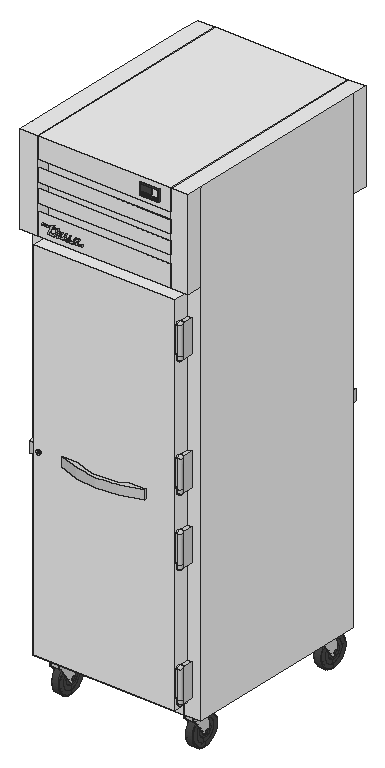
Revit family
Parameters
  Weight in Pounds = 0
  Watts = 1500 W
  Volts = 208 V
  URL Cutsheet = "www.truemfg.com"
  URL = "www.truemfg.com"
  Type Mark [instance] = ""
  Type Comments = ""
  Status [instance] = ""
  Specification by User [instance] = ""
  Specification by Manufacturer = ""
  Show Seismic Flanged [instance] = no
  Show Logo [instance] = yes
  Show Legs [instance] = no
  Show Clearance [instance] = yes
  Serial Number = ""
  Seismic Rating = ""
  Seismic Plate [instance] = and(Show Seismic Flanged, not(Show Casters))  # no
  SMACNA No = ""
  Revision Code [instance] = ""
  Phase = 1
  Omniclass Number and Title = ""
  Number of Poles [instance] = 1
  NAFEM Spec ID Number = ""
  Model = "STA1HPT-1S-1S"
  Min Ckt Ampacity = 0 A
  Max Overcurrent Protection = 0 A
  Masterspec = ""
  Manufacturer = "TRUE FOOD SERVICE EQUIPMENT, INC."
  Length = 27 1/2"
  Legs [instance] = or(Show Legs, Show Seismic Flanged)  # no
  Item Number [instance] = ""
  Installed By [instance] = ""
  Identify Quantity as Lot [instance] = yes
  Height = 77 3/4"
  HP = ""
  Furnished By [instance] = ""
  Foodservice Equipment Identifier [instance] = yes
  FL Amps = Watts / Volts  # 7.21154 A
  Electrical Remarks [instance] = ""
  Electric Connection Type [instance] = ""
  Elec Conn RI Height [instance] = 0"
  Elec Conn Connection Height [instance] = 0"
  Description = "Pass-thru Solid Front /Solid Rear Swing Door Heated Cabinet"
  Depth = 36 1/2"
  Cycle = 60 Hz
  Conn Plug = "5-15P"
  Conn Conduit = yes
  Show Casters [instance] = and(not(if(Show Legs, Show Legs, Show Legs)), not(if(Show Legs, Show Legs, Show Seismic Flanged)))  # yes
  CSI MasterFormat = ""
  CSI Master Format = ""
  Apparent Power = if(Phase = 3, Volts * FL Amps * 1.73, Volts * FL Amps)  # 1500 VA
Reference planes (in)
  plane 1: z = 0
  plane 2 "LEFT": x = 0
  plane 3 "RIGHT": x = 27.5
  plane 4 "FRONT": y = -33.75
  plane 5 "TOP": z = 84.125
  plane 6: z = 6.125
  plane 7: y = 2.75
Forms (in)
  Extrusion 1, solid, material "QF_Finishes_Chrome - Satin"
    sketch origin (0.05, 0, 0) x (1, 0, 0) y (0, 1, 0)
      loop
        line (-0.05, 0) -> (-0.05, -31) -> (2.80938, -31) -> (2.80938, 0) -> (-0.05, 0)
    from 6.125 to 84.125
  Extrusion 2, solid, material "QF_Finishes_Chrome - Satin"
    sketch origin (50.15, 0, 0) x (1, 0, 0) y (0, 1, 0)
      loop
        line (-25.50937, 0) -> (-25.50937, -31) -> (-22.65, -31) -> (-22.65, 0) -> (-25.50937, 0)
    from 6.125 to 84.125
  Extrusion 3, solid, material "QF_Finishes_Chrome - Satin"
    sketch origin (0, 0, 0) x (0, 1, 0) y (0, 0, 1)
      loop
        line (-33.5625, 69.5) -> (-31, 69.5) -> (-31, 64.875) -> (0, 64.875) -> (0, 69.5) -> (2.5625, 69.5) -> (2.5625, 73.1597) -> (0.49784, 71.69166) -> (0.49784, 72.96723) -> (2.5625, 74.43527) -> (2.5625, 76.53148) -> (0.49784, 75.06344) -> (0.49784, 76.0242) -> (2.5625, 77.49224) -> (2.5625, 79.62595) -> (0.49784, 78.15791) -> (0.49784, 79.28018) -> (2.5625, 80.74822) -> (2.5625, 84.125) -> (-33.5625, 84.125) -> (-33.5625, 80.68002) -> (-31.5, 79.21352) -> (-31.5, 78.09125) -> (-33.5625, 79.55776) -> (-33.5625, 77.42405) -> (-31.5, 75.95754) -> (-31.5, 74.99678) -> (-33.5625, 76.46328) -> (-33.5625, 74.36708) -> (-31.5, 72.90057) -> (-31.5, 71.625) -> (-33.5625, 73.09151) -> (-33.5625, 69.5)
      loop
        line (-31, 6.125) -> (0, 6.125) -> (0, 8.94743) -> (-31, 8.94743) -> (-31, 6.125)
    from 2.85938 to 24.64062
  Extrusion 4, solid, material "QF_Finishes_Chrome - Satin"
    sketch origin (0, 0, 0) x (1, 0, 0) y (0, 1, 0)
      loop
        line (27.45312, -31) -> (24.64062, -31) -> (24.64062, -33.5625) -> (27.45312, -33.5625) -> (27.45312, -31)
    from 69.5 to 84.125
  Extrusion 5, solid, material "QF_Finishes_Chrome - Satin"
    sketch origin (-50.125, 0, 0.25) x (1, 0, 0) y (0, 1, 0)
      loop
        line (52.98437, -31) -> (50.17188, -31) -> (50.17188, -33.5625) -> (52.98437, -33.5625) -> (52.98437, -31)
    from 69.25 to 83.875
  Extrusion 6, solid, material "QF_Finishes_Handrails and Railings", visible <- "Show Logo"
    sketch origin (0.33478, 1.08173, -6.73143) x (1, 0, 0) y (0, 0, 1)
      loop
        line (3.46044, 78.46231) -> (3.35478, 78.23573) -> (4.76027, 78.23573)
        arc (4.76027, 78.23573) -> (4.78879, 78.18528) -> (4.76027, 78.13484) r 0.05887
        line (4.76027, 78.13484) -> (4.39369, 77.34872)
        arc (4.39369, 77.34872) -> (4.39051, 77.27591) -> (4.43975, 77.22217) r 0.09523
        line (4.43975, 77.22217) -> (5.33844, 77.22217)
        arc (5.33844, 77.22217) -> (5.45192, 77.25795) -> (5.52436, 77.35235) r 0.19785
        line (5.52436, 77.35235) -> (5.81285, 77.97101) -> (6.0779, 77.97101)
        arc (6.0779, 77.97101) -> (6.14744, 77.94543) -> (6.13737, 77.87203) r 0.05911
        line (6.13737, 77.87203) -> (5.89598, 77.35437)
        arc (5.89598, 77.35437) -> (5.89974, 77.2684) -> (5.97231, 77.22217) r 0.09318
        line (5.97231, 77.22217) -> (6.76198, 77.22217)
        arc (6.76198, 77.22217) -> (6.82249, 77.24419) -> (6.85468, 77.29995) r 0.09412
        arc (6.85468, 77.29995) -> (6.87746, 77.24495) -> (6.93246, 77.22217) r 0.07778
        line (6.93246, 77.22217) -> (7.43246, 77.22217)
        arc (7.43246, 77.22217) -> (7.49022, 77.23765) -> (7.53251, 77.27993) r 0.11552
        arc (7.53251, 77.27993) -> (7.55275, 77.23106) -> (7.60162, 77.21081) r 0.06912
        line (7.60162, 77.21081) -> (8.31225, 77.21081)
        arc (8.31225, 77.21081) -> (8.37034, 77.23488) -> (8.39441, 77.29297) r 0.08216
        arc (8.39441, 77.29297) -> (8.44767, 77.23972) -> (8.52042, 77.22022) r 0.14551
        line (8.52042, 77.22022) -> (9.85158, 77.22022) -> (9.99946, 77.47634) -> (8.65678, 77.47634)
        arc (8.65678, 77.47634) -> (8.61972, 77.50204) -> (8.61834, 77.54711) r 0.05009
        line (8.61834, 77.54711) -> (8.64157, 77.59692)
        arc (8.64157, 77.59692) -> (8.67723, 77.64364) -> (8.73327, 77.66135) r 0.09747
        line (8.73327, 77.66135) -> (9.16485, 77.66135)
        arc (9.16485, 77.66135) -> (9.258, 77.68631) -> (9.32619, 77.7545) r 0.1863
        line (9.32619, 77.7545) -> (9.45119, 77.97101)
        arc (9.45119, 77.97101) -> (9.45119, 78.08657) -> (9.35111, 78.14434) r 0.11556
        line (9.35111, 78.14434) -> (8.89562, 78.14434)
        arc (8.89562, 78.14434) -> (8.7795, 78.12462) -> (8.69849, 78.03912) r 0.18605
        line (8.69849, 78.03912) -> (8.48204, 77.57493)
        arc (8.48204, 77.57493) -> (8.41815, 77.49167) -> (8.31806, 77.46011) r 0.1745
        line (8.31806, 77.46011) -> (7.84559, 77.46011)
        arc (7.84559, 77.46011) -> (7.78903, 77.52184) -> (7.79268, 77.60548) r 0.10939
        line (7.79268, 77.60548) -> (8.04395, 78.14434) -> (7.88403, 78.14434) -> (7.61781, 77.57344)
        arc (7.61781, 77.57344) -> (7.56609, 77.50603) -> (7.48505, 77.48048) r 0.14128
        line (7.48505, 77.48048) -> (7.15925, 77.48048)
        arc (7.15925, 77.48048) -> (7.10419, 77.55223) -> (7.116, 77.64189) r 0.11816
        line (7.116, 77.64189) -> (7.3503, 78.14434) -> (7.18514, 78.14434) -> (6.91546, 77.566)
        arc (6.91546, 77.566) -> (6.85285, 77.50339) -> (6.76733, 77.48048) r 0.17104
        line (6.76733, 77.48048) -> (6.29555, 77.48048)
        arc (6.29555, 77.48048) -> (6.21082, 77.51999) -> (6.20267, 77.61313) r 0.0935
        line (6.20267, 77.61313) -> (6.35774, 77.94569) -> (6.57695, 77.94569)
        arc (6.57695, 77.94569) -> (6.61395, 78.05717) -> (6.69267, 78.14434) r 0.2857
        line (6.69267, 78.14434) -> (5.83605, 78.14434)
        arc (5.83605, 78.14434) -> (5.74086, 78.12324) -> (5.67498, 78.05135) r 0.16212
        line (5.67498, 78.05135) -> (5.44279, 77.55341)
        arc (5.44279, 77.55341) -> (5.3894, 77.50002) -> (5.31647, 77.48048) r 0.14586
        line (5.31647, 77.48048) -> (4.80506, 77.48048)
        arc (4.80506, 77.48048) -> (4.76514, 77.53442) -> (4.77274, 77.60109) r 0.09155
        line (4.77274, 77.60109) -> (5.11018, 78.23573) -> (5.96155, 78.23573) -> (6.06721, 78.46231) -> (5.21584, 78.46231) -> (5.32149, 78.68888) -> (5.01862, 78.68888) -> (4.91297, 78.46231) -> (3.46044, 78.46231)
      loop
        arc (8.83805, 77.93863) -> (8.80119, 77.92875) -> (8.7742, 77.90176) r 0.07373
        line (8.7742, 77.90176) -> (8.75229, 77.83436)
        arc (8.75229, 77.83436) -> (8.76245, 77.80983) -> (8.78699, 77.79966) r 0.0347
        line (8.78699, 77.79966) -> (9.15948, 77.79966)
        arc (9.15948, 77.79966) -> (9.18632, 77.80561) -> (9.20812, 77.82234) r 0.0635
        line (9.20812, 77.82234) -> (9.22624, 77.90622)
        arc (9.22624, 77.90622) -> (9.22091, 77.92868) -> (9.20009, 77.93863) r 0.02676
        line (9.20009, 77.93863) -> (8.83805, 77.93863)
    from 34.64423 to 34.83173
  Extrusion 7, solid
    sketch origin (-25.125, 2.6875, 0) x (1, 0, 0) y (0, 0, 1)
      loop
        circle (49.375, 82) r 0.25
    from 0.23221 to 0.125
  Blend 8, solid, material "QF_Finishes_Handrails and Railings"
    base sketch origin (27.53125, 0.1875, -0.03527) x (-1, 0, 0) y (0, 0, -1)
      loop
        line (25.25, -38.99169) -> (26, -38.99169) -> (26, -37.24169) -> (25.25, -37.24169) -> (25.25, -38.99169)
    top sketch origin (27.53125, 0.1875, -0.03527) x (-1, 0, 0) y (0, 0, -1)
      loop
        line (26.18223, -36.6441) -> (25.25, -36.6441) -> (25.25, -39.42643) -> (26.18223, -39.42643) -> (26.18223, -36.6441)
    from 33.57883 to 31.1875
  Extrusion 9, solid, material "QF_Finishes_Handrails and Railings"
    sketch origin (26.21875, 0.1875, 0) x (0, 1, 0) y (0, 0, -1)
      loop
        line (-31.1875, -64.55229) -> (-31.1875, -59.23627) -> (-33.25, -59.23627) -> (-33.25, -59.94848) -> (-32.81497, -59.94848) -> (-32.81497, -64.34776)
        arc (-32.81497, -64.34776) -> (-32.75506, -64.49238) -> (-32.61044, -64.55229) r 0.20453
        line (-32.61044, -64.55229) -> (-31.1875, -64.55229)
    from 0.17506 to 1
  Revolve 10, solid, material "QF_Finishes_Handrails and Railings"
    sketch origin (25.71875, 0.1875, 0) x (0, 1, 0) y (0, 0, -1)
      loop
        line (-33.26563, -60.00189) -> (-33.67229, -60.00189) -> (-33.67229, -64.4736)
        arc (-33.67229, -64.4736) -> (-33.53722, -64.72557) -> (-33.26563, -64.81483) r 0.3848
        line (-33.26563, -64.81483) -> (-33.26563, -60.00189)
      loop
        line (-33.26563, -59.94848) -> (-33.26563, -59.04781)
        arc (-33.26563, -59.04781) -> (-33.53264, -59.13383) -> (-33.67229, -59.37712) r 0.38884
        line (-33.67229, -59.37712) -> (-33.67229, -59.94848) -> (-33.26563, -59.94848)
      axis (-33.26563, -59.04781) -> (-33.26563, -64.81483)
    angle from 0 to 360
  Extrusion 11, solid, material "QF_Finishes_Handrails and Railings"
    sketch origin (27.53125, 0.1875, 0) x (-1, 0, 0) y (0, 0, -1)
      loop
        line (1.91491, -64.4736) -> (2.3125, -64.4736) -> (2.3125, -60.00079) -> (1.91491, -60.00079) -> (1.91491, -64.4736)
    from 32.81497 to 33.59495
  Extrusion 12, solid, material "QF_Finishes_Handrails and Railings"
    sketch origin (26.21875, 0.1875, -19.5) x (0, 1, 0) y (0, 0, -1)
      loop
        line (-31.1875, -64.55229) -> (-31.1875, -59.23627) -> (-33.25, -59.23627) -> (-33.25, -59.94848) -> (-32.81497, -59.94848) -> (-32.81497, -64.34776)
        arc (-32.81497, -64.34776) -> (-32.75506, -64.49238) -> (-32.61044, -64.55229) r 0.20453
        line (-32.61044, -64.55229) -> (-31.1875, -64.55229)
    from 0.17506 to 1
  Revolve 13, solid, material "QF_Finishes_Handrails and Railings"
    sketch origin (25.71875, 0.1875, -19.5) x (0, 1, 0) y (0, 0, -1)
      loop
        line (-33.26563, -60.00189) -> (-33.67229, -60.00189) -> (-33.67229, -64.4736)
        arc (-33.67229, -64.4736) -> (-33.53722, -64.72557) -> (-33.26563, -64.81483) r 0.3848
        line (-33.26563, -64.81483) -> (-33.26563, -60.00189)
      loop
        line (-33.26563, -59.94848) -> (-33.26563, -59.04781)
        arc (-33.26563, -59.04781) -> (-33.53264, -59.13383) -> (-33.67229, -59.37712) r 0.38884
        line (-33.67229, -59.37712) -> (-33.67229, -59.94848) -> (-33.26563, -59.94848)
      axis (-33.26563, -59.04781) -> (-33.26563, -64.81483)
    angle from 0 to 360
  Extrusion 14, solid, material "QF_Finishes_Handrails and Railings"
    sketch origin (27.53125, 0.1875, -19.5) x (-1, 0, 0) y (0, 0, -1)
      loop
        line (1.91491, -64.4736) -> (2.3125, -64.4736) -> (2.3125, -60.00079) -> (1.91491, -60.00079) -> (1.91491, -64.4736)
    from 32.81497 to 33.59495
  Extrusion 15, solid, material "QF_Finishes_Handrails and Railings"
    sketch origin (26.21875, 0.1875, -30.5) x (0, 1, 0) y (0, 0, -1)
      loop
        line (-31.1875, -64.55229) -> (-31.1875, -59.23627) -> (-33.25, -59.23627) -> (-33.25, -59.94848) -> (-32.81497, -59.94848) -> (-32.81497, -64.34776)
        arc (-32.81497, -64.34776) -> (-32.75506, -64.49238) -> (-32.61044, -64.55229) r 0.20453
        line (-32.61044, -64.55229) -> (-31.1875, -64.55229)
    from 0.17506 to 1
  Revolve 16, solid, material "QF_Finishes_Handrails and Railings"
    sketch origin (25.71875, 0.1875, -30.5) x (0, 1, 0) y (0, 0, -1)
      loop
        line (-33.26563, -60.00189) -> (-33.67229, -60.00189) -> (-33.67229, -64.4736)
        arc (-33.67229, -64.4736) -> (-33.53722, -64.72557) -> (-33.26563, -64.81483) r 0.3848
        line (-33.26563, -64.81483) -> (-33.26563, -60.00189)
      loop
        line (-33.26563, -59.94848) -> (-33.26563, -59.04781)
        arc (-33.26563, -59.04781) -> (-33.53264, -59.13383) -> (-33.67229, -59.37712) r 0.38884
        line (-33.67229, -59.37712) -> (-33.67229, -59.94848) -> (-33.26563, -59.94848)
      axis (-33.26563, -59.04781) -> (-33.26563, -64.81483)
    angle from 0 to 360
  Extrusion 17, solid, material "QF_Finishes_Handrails and Railings"
    sketch origin (27.53125, 0.1875, -30.5) x (-1, 0, 0) y (0, 0, -1)
      loop
        line (1.91491, -64.4736) -> (2.3125, -64.4736) -> (2.3125, -60.00079) -> (1.91491, -60.00079) -> (1.91491, -64.4736)
    from 32.81497 to 33.59495
  Extrusion 18, solid, material "QF_Finishes_Handrails and Railings"
    sketch origin (26.21875, 0.1875, -50.25) x (0, 1, 0) y (0, 0, -1)
      loop
        line (-31.1875, -64.55229) -> (-31.1875, -59.23627) -> (-33.25, -59.23627) -> (-33.25, -59.94848) -> (-32.81497, -59.94848) -> (-32.81497, -64.34776)
        arc (-32.81497, -64.34776) -> (-32.75506, -64.49238) -> (-32.61044, -64.55229) r 0.20453
        line (-32.61044, -64.55229) -> (-31.1875, -64.55229)
    from 0.17506 to 1
  Revolve 19, solid, material "QF_Finishes_Handrails and Railings"
    sketch origin (25.71875, 0.1875, -50.25) x (0, 1, 0) y (0, 0, -1)
      loop
        line (-33.26563, -60.00189) -> (-33.67229, -60.00189) -> (-33.67229, -64.4736)
        arc (-33.67229, -64.4736) -> (-33.53722, -64.72557) -> (-33.26563, -64.81483) r 0.3848
        line (-33.26563, -64.81483) -> (-33.26563, -60.00189)
      loop
        line (-33.26563, -59.94848) -> (-33.26563, -59.04781)
        arc (-33.26563, -59.04781) -> (-33.53264, -59.13383) -> (-33.67229, -59.37712) r 0.38884
        line (-33.67229, -59.37712) -> (-33.67229, -59.94848) -> (-33.26563, -59.94848)
      axis (-33.26563, -59.04781) -> (-33.26563, -64.81483)
    angle from 0 to 360
  Extrusion 20, solid, material "QF_Finishes_Handrails and Railings"
    sketch origin (27.53125, 0.1875, -50.25) x (-1, 0, 0) y (0, 0, -1)
      loop
        line (1.91491, -64.4736) -> (2.3125, -64.4736) -> (2.3125, -60.00079) -> (1.91491, -60.00079) -> (1.91491, -64.4736)
    from 32.81497 to 33.59495
  Revolve 21, solid, material "QF_Finishes_Black", visible <- "Show Casters"
    sketch origin (22.65625, -27.375, 0) x (1, 0, 0) y (0, 0, 1)
      loop
        line (1.475, 5) -> (1.375, 4.9) -> (1.375, 4.29941) -> (1.53601, 4.29941) -> (1.53601, 3.54941) -> (1.375, 3.54941) -> (1.375, 2.79941) -> (0.975, 2.79941) -> (0.975, 2.5) -> (3.025, 2.5) -> (3.025, 2.79941) -> (2.62908, 2.79941) -> (2.62908, 3.54941) -> (2.46399, 3.54941) -> (2.46399, 4.29941) -> (2.62908, 4.29941) -> (2.62908, 4.89592) -> (2.525, 5) -> (1.475, 5)
      axis (3.025, 2.5) -> (0.975, 2.5)
    angle from 0 to 360
  Extrusion 22, solid, material "QF_Finishes_Handrails and Railings", visible <- "Show Casters"
    sketch origin (22.65625, 0, 0) x (0, 1, 0) y (0, 0, 1)
      loop
        line (-29.95136, 5.48574) -> (-29.95136, 4.88089) -> (-29.70136, 4.88089) -> (-27.95216, 2.18736)
        arc (-27.95216, 2.18736) -> (-27.23883, 1.94868) -> (-26.84581, 2.59003) r 0.60416
        line (-26.84581, 2.59003) -> (-27.20136, 5.48574) -> (-29.95136, 5.48574)
      loop
        line (-3.8577, 5.48574) -> (-3.8577, 4.88089) -> (-3.6077, 4.88089) -> (-1.8585, 2.18736)
        arc (-1.8585, 2.18736) -> (-1.14517, 1.94868) -> (-0.75215, 2.59003) r 0.60416
        line (-0.75215, 2.59003) -> (-1.1077, 5.48574) -> (-3.8577, 5.48574)
    from 1.175 to 1.325
  Extrusion 23, solid, material "QF_Finishes_Handrails and Railings", visible <- "Show Casters"
    sketch origin (24.15625, 0, 0) x (0, 1, 0) y (0, 0, 1)
      loop
        line (-29.95136, 5.48574) -> (-29.95136, 4.88089) -> (-29.70136, 4.88089) -> (-27.95216, 2.18736)
        arc (-27.95216, 2.18736) -> (-27.23883, 1.94868) -> (-26.84581, 2.59003) r 0.60416
        line (-26.84581, 2.59003) -> (-27.20136, 5.48574) -> (-29.95136, 5.48574)
      loop
        line (-3.8577, 5.48574) -> (-3.8577, 4.88089) -> (-3.6077, 4.88089) -> (-1.8585, 2.18736)
        arc (-1.8585, 2.18736) -> (-1.14517, 1.94868) -> (-0.75215, 2.59003) r 0.60416
        line (-0.75215, 2.59003) -> (-1.1077, 5.48574) -> (-3.8577, 5.48574)
    from 1.175 to 1.325
  Revolve 24, solid, material "QF_Finishes_Chrome - Satin", visible <- "Show Casters"
    sketch origin (22.65625, -28.57636, -0.5) x (1, 0, 0) y (0, 0, 1)
      loop
        line (2, 5.98574) -> (2, 6.625) -> (0.70293, 6.625) -> (0.70293, 5.98574) -> (2, 5.98574)
      axis (2, 5.98574) -> (2, 6.625)
    angle from 0 to 360
  Revolve 25, solid, material "QF_Finishes_Chrome - Satin", visible <- "Legs"
    sketch origin (22.65625, -2.69102, 0) x (1, 0, 0) y (0, 0, 1)
      loop
        line (2, 6.125) -> (0.66662, 6.125) -> (1.25, 1) -> (1.5, 1) -> (1.5, 0) -> (2, 0) -> (2, 6.125)
      axis (2, 0) -> (2, 6.125)
    angle from 0 to 360
  Revolve 26, solid, material "QF_Finishes_Chrome - Satin", visible <- "Legs"
    sketch origin (22.65625, -28.65977, 0) x (1, 0, 0) y (0, 0, 1)
      loop
        line (2, 6.125) -> (0.66662, 6.125) -> (1.25, 1) -> (1.5, 1) -> (1.5, 0) -> (2, 0) -> (2, 6.125)
      axis (2, 0) -> (2, 6.125)
    angle from 0 to 360
  Revolve 27, solid, material "QF_Finishes_Chrome - Satin", visible <- "Show Casters"
    sketch origin (22.65625, -2.4827, -0.5) x (1, 0, 0) y (0, 0, 1)
      loop
        line (2, 5.98574) -> (2, 6.625) -> (0.70293, 6.625) -> (0.70293, 5.98574) -> (2, 5.98574)
      axis (2, 5.98574) -> (2, 6.625)
    angle from 0 to 360
  Extrusion 28, solid, material "QF_Finishes_Handrails and Railings", visible <- "Show Casters"
    sketch origin (-25.125, 0, 0) x (0, 1, 0) y (0, 0, 1)
      loop
        line (-29.95136, 5.48574) -> (-29.95136, 4.88089) -> (-29.70136, 4.88089) -> (-27.16533, 5.19227) -> (-27.20136, 5.48574) -> (-29.95136, 5.48574)
      loop
        line (-3.8577, 5.48574) -> (-3.8577, 4.88089) -> (-3.6077, 4.88089) -> (-1.07167, 5.19227) -> (-1.1077, 5.48574) -> (-3.8577, 5.48574)
    from 49.10625 to 50.45625
  Revolve 29, solid, material "QF_Finishes_Black", visible <- "Show Casters"
    sketch origin (22.65625, -1.21875, 0) x (1, 0, 0) y (0, 0, 1)
      loop
        line (1.475, 5) -> (1.375, 4.9) -> (1.375, 4.29941) -> (1.53601, 4.29941) -> (1.53601, 3.54941) -> (1.375, 3.54941) -> (1.375, 2.79941) -> (0.975, 2.79941) -> (0.975, 2.5) -> (3.025, 2.5) -> (3.025, 2.79941) -> (2.62908, 2.79941) -> (2.62908, 3.54941) -> (2.46399, 3.54941) -> (2.46399, 4.29941) -> (2.62908, 4.29941) -> (2.62908, 4.89592) -> (2.525, 5) -> (1.475, 5)
      axis (3.025, 2.5) -> (0.975, 2.5)
    angle from 0 to 360
  Revolve 30, solid, material "QF_Finishes_Black", visible <- "Show Casters"
    sketch origin (0.84375, -27.375, 0) x (1, 0, 0) y (0, 0, 1)
      loop
        line (1.475, 5) -> (1.375, 4.9) -> (1.375, 4.29941) -> (1.53601, 4.29941) -> (1.53601, 3.54941) -> (1.375, 3.54941) -> (1.375, 2.79941) -> (0.975, 2.79941) -> (0.975, 2.5) -> (3.025, 2.5) -> (3.025, 2.79941) -> (2.62908, 2.79941) -> (2.62908, 3.54941) -> (2.46399, 3.54941) -> (2.46399, 4.29941) -> (2.62908, 4.29941) -> (2.62908, 4.89592) -> (2.525, 5) -> (1.475, 5)
      axis (3.025, 2.5) -> (0.975, 2.5)
    angle from 0 to 360
  Extrusion 31, solid, material "QF_Finishes_Handrails and Railings", visible <- "Show Casters"
    sketch origin (0.84375, 0, 0) x (0, 1, 0) y (0, 0, 1)
      loop
        line (-29.95136, 5.48574) -> (-29.95136, 4.88089) -> (-29.70136, 4.88089) -> (-27.95216, 2.18736)
        arc (-27.95216, 2.18736) -> (-27.23883, 1.94868) -> (-26.84581, 2.59003) r 0.60416
        line (-26.84581, 2.59003) -> (-27.20136, 5.48574) -> (-29.95136, 5.48574)
      loop
        line (-3.8577, 5.48574) -> (-3.8577, 4.88089) -> (-3.6077, 4.88089) -> (-1.8585, 2.18736)
        arc (-1.8585, 2.18736) -> (-1.14517, 1.94868) -> (-0.75215, 2.59003) r 0.60416
        line (-0.75215, 2.59003) -> (-1.1077, 5.48574) -> (-3.8577, 5.48574)
    from 1.175 to 1.325
  Extrusion 32, solid, material "QF_Finishes_Handrails and Railings", visible <- "Show Casters"
    sketch origin (2.34375, 0, 0) x (0, 1, 0) y (0, 0, 1)
      loop
        line (-29.95136, 5.48574) -> (-29.95136, 4.88089) -> (-29.70136, 4.88089) -> (-27.95216, 2.18736)
        arc (-27.95216, 2.18736) -> (-27.23883, 1.94868) -> (-26.84581, 2.59003) r 0.60416
        line (-26.84581, 2.59003) -> (-27.20136, 5.48574) -> (-29.95136, 5.48574)
      loop
        line (-3.8577, 5.48574) -> (-3.8577, 4.88089) -> (-3.6077, 4.88089) -> (-1.8585, 2.18736)
        arc (-1.8585, 2.18736) -> (-1.14517, 1.94868) -> (-0.75215, 2.59003) r 0.60416
        line (-0.75215, 2.59003) -> (-1.1077, 5.48574) -> (-3.8577, 5.48574)
    from 1.175 to 1.325
  Revolve 33, solid, material "QF_Finishes_Chrome - Satin", visible <- "Show Casters"
    sketch origin (0.84375, -28.57636, -0.5) x (1, 0, 0) y (0, 0, 1)
      loop
        line (2, 5.98574) -> (2, 6.625) -> (0.70293, 6.625) -> (0.70293, 5.98574) -> (2, 5.98574)
      axis (2, 5.98574) -> (2, 6.625)
    angle from 0 to 360
  Revolve 34, solid, material "QF_Finishes_Chrome - Satin", visible <- "Legs"
    sketch origin (0.84375, -2.69102, 0) x (1, 0, 0) y (0, 0, 1)
      loop
        line (2, 6.125) -> (0.66662, 6.125) -> (1.25, 1) -> (1.5, 1) -> (1.5, 0) -> (2, 0) -> (2, 6.125)
      axis (2, 0) -> (2, 6.125)
    angle from 0 to 360
  Revolve 35, solid, material "QF_Finishes_Chrome - Satin", visible <- "Legs"
    sketch origin (0.84375, -28.65977, 0) x (1, 0, 0) y (0, 0, 1)
      loop
        line (2, 6.125) -> (0.66662, 6.125) -> (1.25, 1) -> (1.5, 1) -> (1.5, 0) -> (2, 0) -> (2, 6.125)
      axis (2, 0) -> (2, 6.125)
    angle from 0 to 360
  Revolve 36, solid, material "QF_Finishes_Chrome - Satin", visible <- "Show Casters"
    sketch origin (0.84375, -2.4827, -0.5) x (1, 0, 0) y (0, 0, 1)
      loop
        line (2, 5.98574) -> (2, 6.625) -> (0.70293, 6.625) -> (0.70293, 5.98574) -> (2, 5.98574)
      axis (2, 5.98574) -> (2, 6.625)
    angle from 0 to 360
  Extrusion 37, solid, material "QF_Finishes_Handrails and Railings", visible <- "Show Casters"
    sketch origin (-46.9375, 0, 0) x (0, 1, 0) y (0, 0, 1)
      loop
        line (-29.95136, 5.48574) -> (-29.95136, 4.88089) -> (-29.70136, 4.88089) -> (-27.16533, 5.19227) -> (-27.20136, 5.48574) -> (-29.95136, 5.48574)
      loop
        line (-3.8577, 5.48574) -> (-3.8577, 4.88089) -> (-3.6077, 4.88089) -> (-1.07167, 5.19227) -> (-1.1077, 5.48574) -> (-3.8577, 5.48574)
    from 49.10625 to 50.45625
  Revolve 38, solid, material "QF_Finishes_Black", visible <- "Show Casters"
    sketch origin (0.84375, -1.21875, 0) x (1, 0, 0) y (0, 0, 1)
      loop
        line (1.475, 5) -> (1.375, 4.9) -> (1.375, 4.29941) -> (1.53601, 4.29941) -> (1.53601, 3.54941) -> (1.375, 3.54941) -> (1.375, 2.79941) -> (0.975, 2.79941) -> (0.975, 2.5) -> (3.025, 2.5) -> (3.025, 2.79941) -> (2.62908, 2.79941) -> (2.62908, 3.54941) -> (2.46399, 3.54941) -> (2.46399, 4.29941) -> (2.62908, 4.29941) -> (2.62908, 4.89592) -> (2.525, 5) -> (1.475, 5)
      axis (3.025, 2.5) -> (0.975, 2.5)
    angle from 0 to 360
  Extrusion 39, solid, material "QF_Finishes_Chrome - Satin"
    sketch origin (0, -31.375, 0) x (1, 0, 0) y (0, 1, 0)
      loop
        line (27.45312, 31.375) -> (27.45312, 33.9375) -> (24.64062, 33.9375) -> (24.64062, 31.375) -> (27.45312, 31.375)
    from 69.5 to 84.125
  Extrusion 40, solid, material "QF_Finishes_Chrome - Satin"
    sketch origin (-50.125, -31, 0.25) x (1, 0, 0) y (0, 1, 0)
      loop
        line (52.98437, 31) -> (52.98437, 33.5625) -> (50.17188, 33.5625) -> (50.17188, 31) -> (52.98437, 31)
    from 69.25 to 83.875
  Extrusion 41, solid, material "QF_Finishes_Handrails and Railings"
    sketch origin (1.28125, -31.17295, 0) x (0, -1, 0) y (0, 0, -1)
      loop
        line (-31.17295, -64.55229) -> (-31.17295, -59.23627) -> (-33.25, -59.23627) -> (-33.25, -59.94848) -> (-32.81497, -59.94848) -> (-32.81497, -64.34776)
        arc (-32.81497, -64.34776) -> (-32.75506, -64.49238) -> (-32.61044, -64.55229) r 0.20453
        line (-32.61044, -64.55229) -> (-31.17295, -64.55229)
    from 0.17506 to 1
  Revolve 42, solid, material "QF_Finishes_Handrails and Railings"
    sketch origin (1.78125, -31.17295, 0) x (0, -1, 0) y (0, 0, -1)
      loop
        line (-33.26563, -60.00189) -> (-33.67229, -60.00189) -> (-33.67229, -64.4736)
        arc (-33.67229, -64.4736) -> (-33.53722, -64.72557) -> (-33.26563, -64.81483) r 0.3848
        line (-33.26563, -64.81483) -> (-33.26563, -60.00189)
      loop
        line (-33.26563, -59.94848) -> (-33.26563, -59.04781)
        arc (-33.26563, -59.04781) -> (-33.53264, -59.13383) -> (-33.67229, -59.37712) r 0.38884
        line (-33.67229, -59.37712) -> (-33.67229, -59.94848) -> (-33.26563, -59.94848)
      axis (-33.26563, -59.04781) -> (-33.26563, -64.81483)
    angle from 0 to 360
  Extrusion 43, solid, material "QF_Finishes_Handrails and Railings"
    sketch origin (-0.03125, -31.17295, 0) x (1, 0, 0) y (0, 0, -1)
      loop
        line (1.91491, -64.4736) -> (2.3125, -64.4736) -> (2.3125, -60.00079) -> (1.91491, -60.00079) -> (1.91491, -64.4736)
    from 32.81497 to 33.59495
  Extrusion 44, solid, material "QF_Finishes_Handrails and Railings"
    sketch origin (1.28125, -31.17295, -19.5) x (0, -1, 0) y (0, 0, -1)
      loop
        line (-31.17295, -64.55229) -> (-31.17295, -59.23627) -> (-33.25, -59.23627) -> (-33.25, -59.94848) -> (-32.81497, -59.94848) -> (-32.81497, -64.34776)
        arc (-32.81497, -64.34776) -> (-32.75506, -64.49238) -> (-32.61044, -64.55229) r 0.20453
        line (-32.61044, -64.55229) -> (-31.17295, -64.55229)
    from 0.17506 to 1
  Revolve 45, solid, material "QF_Finishes_Handrails and Railings"
    sketch origin (1.78125, -31.17295, -19.5) x (0, -1, 0) y (0, 0, -1)
      loop
        line (-33.26563, -60.00189) -> (-33.67229, -60.00189) -> (-33.67229, -64.4736)
        arc (-33.67229, -64.4736) -> (-33.53722, -64.72557) -> (-33.26563, -64.81483) r 0.3848
        line (-33.26563, -64.81483) -> (-33.26563, -60.00189)
      loop
        line (-33.26563, -59.94848) -> (-33.26563, -59.04781)
        arc (-33.26563, -59.04781) -> (-33.53264, -59.13383) -> (-33.67229, -59.37712) r 0.38884
        line (-33.67229, -59.37712) -> (-33.67229, -59.94848) -> (-33.26563, -59.94848)
      axis (-33.26563, -59.04781) -> (-33.26563, -64.81483)
    angle from 0 to 360
  Extrusion 46, solid, material "QF_Finishes_Handrails and Railings"
    sketch origin (-0.03125, -31.17295, -19.5) x (1, 0, 0) y (0, 0, -1)
      loop
        line (1.91491, -64.4736) -> (2.3125, -64.4736) -> (2.3125, -60.00079) -> (1.91491, -60.00079) -> (1.91491, -64.4736)
    from 32.81497 to 33.59495
  Extrusion 47, solid, material "QF_Finishes_Handrails and Railings"
    sketch origin (1.28125, -31.17295, -30.5) x (0, -1, 0) y (0, 0, -1)
      loop
        line (-31.17295, -64.55229) -> (-31.17295, -59.23627) -> (-33.25, -59.23627) -> (-33.25, -59.94848) -> (-32.81497, -59.94848) -> (-32.81497, -64.34776)
        arc (-32.81497, -64.34776) -> (-32.75506, -64.49238) -> (-32.61044, -64.55229) r 0.20453
        line (-32.61044, -64.55229) -> (-31.17295, -64.55229)
    from 0.17506 to 1
  Revolve 48, solid, material "QF_Finishes_Handrails and Railings"
    sketch origin (1.78125, -31.17295, -30.5) x (0, -1, 0) y (0, 0, -1)
      loop
        line (-33.26563, -60.00189) -> (-33.67229, -60.00189) -> (-33.67229, -64.4736)
        arc (-33.67229, -64.4736) -> (-33.53722, -64.72557) -> (-33.26563, -64.81483) r 0.3848
        line (-33.26563, -64.81483) -> (-33.26563, -60.00189)
      loop
        line (-33.26563, -59.94848) -> (-33.26563, -59.04781)
        arc (-33.26563, -59.04781) -> (-33.53264, -59.13383) -> (-33.67229, -59.37712) r 0.38884
        line (-33.67229, -59.37712) -> (-33.67229, -59.94848) -> (-33.26563, -59.94848)
      axis (-33.26563, -59.04781) -> (-33.26563, -64.81483)
    angle from 0 to 360
  Extrusion 49, solid, material "QF_Finishes_Handrails and Railings"
    sketch origin (-0.03125, -31.17295, -30.5) x (1, 0, 0) y (0, 0, -1)
      loop
        line (1.91491, -64.4736) -> (2.3125, -64.4736) -> (2.3125, -60.00079) -> (1.91491, -60.00079) -> (1.91491, -64.4736)
    from 32.81497 to 33.59495
  Extrusion 50, solid, material "QF_Finishes_Handrails and Railings"
    sketch origin (1.28125, -31.17295, -50.25) x (0, -1, 0) y (0, 0, -1)
      loop
        line (-31.17295, -64.55229) -> (-31.17295, -59.23627) -> (-33.25, -59.23627) -> (-33.25, -59.94848) -> (-32.81497, -59.94848) -> (-32.81497, -64.34776)
        arc (-32.81497, -64.34776) -> (-32.75506, -64.49238) -> (-32.61044, -64.55229) r 0.20453
        line (-32.61044, -64.55229) -> (-31.17295, -64.55229)
    from 0.17506 to 1
  Revolve 51, solid, material "QF_Finishes_Handrails and Railings"
    sketch origin (1.78125, -31.17295, -50.25) x (0, -1, 0) y (0, 0, -1)
      loop
        line (-33.26563, -60.00189) -> (-33.67229, -60.00189) -> (-33.67229, -64.4736)
        arc (-33.67229, -64.4736) -> (-33.53722, -64.72557) -> (-33.26563, -64.81483) r 0.3848
        line (-33.26563, -64.81483) -> (-33.26563, -60.00189)
      loop
        line (-33.26563, -59.94848) -> (-33.26563, -59.04781)
        arc (-33.26563, -59.04781) -> (-33.53264, -59.13383) -> (-33.67229, -59.37712) r 0.38884
        line (-33.67229, -59.37712) -> (-33.67229, -59.94848) -> (-33.26563, -59.94848)
      axis (-33.26563, -59.04781) -> (-33.26563, -64.81483)
    angle from 0 to 360
  Extrusion 52, solid, material "QF_Finishes_Handrails and Railings"
    sketch origin (-0.03125, -31.17295, -50.25) x (1, 0, 0) y (0, 0, -1)
      loop
        line (1.91491, -64.4736) -> (2.3125, -64.4736) -> (2.3125, -60.00079) -> (1.91491, -60.00079) -> (1.91491, -64.4736)
    from 32.81497 to 33.59495
  Blend 53, solid, material "QF_Finishes_Handrails and Railings"
    base sketch origin (-0.03125, -31.17295, 0.48974) x (1, 0, 0) y (0, 0, -1)
      loop
        line (25.25, -38.99169) -> (26, -38.99169) -> (26, -37.24169) -> (25.25, -37.24169) -> (25.25, -38.99169)
    top sketch origin (-0.03125, -31.17295, 0.48974) x (1, 0, 0) y (0, 0, -1)
      loop
        line (26.18223, -36.6441) -> (25.25, -36.6441) -> (25.25, -39.42643) -> (26.18223, -39.42643) -> (26.18223, -36.6441)
    from 33.57883 to 31.17295
  Extrusion 54, solid, material "QF_Finishes_White"
    sketch origin (-23.16691, 1.06376, 1.58022) x (1, 0, 0) y (0, 0, 1)
      loop
        line (42.94232, 81.73227) -> (42.94232, 79.98496) -> (45.84857, 79.98496) -> (45.84857, 81.73227) -> (42.94232, 81.73227)
    from 34.62626 to 34.72001
  Extrusion 55, solid, material "QF_Finishes_Black"
    sketch origin (-23.16691, 1.06376, 1.58022) x (1, 0, 0) y (0, 0, 1)
      loop
        line (45.91107, 81.79477) -> (42.87982, 81.79477) -> (42.87982, 79.92246) -> (45.91107, 79.92246) -> (45.91107, 81.79477)
      loop
        spline (43.07982, 80.25372) -> (43.08833, 80.23754) -> (43.11331, 80.22247) -> (43.15304, 80.20952) -> (43.20482, 80.19959) -> (43.26511, 80.19335) -> (43.32982, 80.19122) -> (43.39452, 80.19335) -> (43.45482, 80.19959) -> (43.50659, 80.20952) -> (43.54632, 80.22247) -> (43.5713, 80.23754) -> (43.57982, 80.25372)
        spline (43.57982, 80.25372) -> (43.5713, 80.26989) -> (43.54632, 80.28497) -> (43.50659, 80.29791) -> (43.45482, 80.30784) -> (43.39452, 80.31409) -> (43.32982, 80.31622) -> (43.26511, 80.31409) -> (43.20482, 80.30784) -> (43.15304, 80.29791) -> (43.11331, 80.28497) -> (43.08833, 80.26989) -> (43.07982, 80.25372)
      loop
        spline (43.77583, 80.25372) -> (43.78435, 80.23754) -> (43.80932, 80.22247) -> (43.84905, 80.20952) -> (43.90083, 80.19959) -> (43.96112, 80.19335) -> (44.02583, 80.19122) -> (44.09053, 80.19335) -> (44.15083, 80.19959) -> (44.20261, 80.20952) -> (44.24234, 80.22247) -> (44.26731, 80.23754) -> (44.27583, 80.25372)
        spline (44.27583, 80.25372) -> (44.26731, 80.26989) -> (44.24234, 80.28497) -> (44.20261, 80.29791) -> (44.15083, 80.30784) -> (44.09053, 80.31409) -> (44.02583, 80.31622) -> (43.96112, 80.31409) -> (43.90083, 80.30784) -> (43.84905, 80.29791) -> (43.80932, 80.28497) -> (43.78435, 80.26989) -> (43.77583, 80.25372)
      loop
        spline (44.52583, 80.25372) -> (44.53435, 80.23754) -> (44.55932, 80.22247) -> (44.59905, 80.20952) -> (44.65083, 80.19959) -> (44.71112, 80.19335) -> (44.77583, 80.19122) -> (44.84053, 80.19335) -> (44.90083, 80.19959) -> (44.95261, 80.20952) -> (44.99234, 80.22247) -> (45.01731, 80.23754) -> (45.02583, 80.25372)
        spline (45.02583, 80.25372) -> (45.01731, 80.26989) -> (44.99234, 80.28497) -> (44.95261, 80.29791) -> (44.90083, 80.30784) -> (44.84053, 80.31409) -> (44.77583, 80.31622) -> (44.71112, 80.31409) -> (44.65083, 80.30784) -> (44.59905, 80.29791) -> (44.55932, 80.28497) -> (44.53435, 80.26989) -> (44.52583, 80.25372)
      loop
        line (43.07981, 81.59478) -> (43.07981, 80.59478) -> (44.77933, 80.59478) -> (44.77933, 81.59478) -> (43.07981, 81.59478)
      loop
        line (45.84857, 81.73227) -> (42.94232, 81.73227) -> (42.94232, 79.98496) -> (45.84857, 79.98496) -> (45.84857, 81.73227)
      loop
        spline (45.27583, 80.25372) -> (45.28435, 80.23754) -> (45.30932, 80.22247) -> (45.34905, 80.20952) -> (45.40083, 80.19959) -> (45.46112, 80.19335) -> (45.52583, 80.19122) -> (45.59053, 80.19335) -> (45.65083, 80.19959) -> (45.70261, 80.20952) -> (45.74234, 80.22247) -> (45.76731, 80.23754) -> (45.77583, 80.25372)
        spline (45.77583, 80.25372) -> (45.76731, 80.26989) -> (45.74234, 80.28497) -> (45.70261, 80.29791) -> (45.65083, 80.30784) -> (45.59053, 80.31409) -> (45.52583, 80.31622) -> (45.46112, 80.31409) -> (45.40083, 80.30784) -> (45.34905, 80.29791) -> (45.30932, 80.28497) -> (45.28435, 80.26989) -> (45.27583, 80.25372)
    from 34.62626 to 34.81376
  Extrusion 56, solid, material "QF_Finishes_Door Clearance", visible <- "Show Clearance", detail levels coarse
    sketch origin (26.42841, -3.6098, 0) x (1, 0, 0) y (0, 1, 0)
      loop
        line (-1.20966, -29.9527) -> (-24.14716, -29.9527)
        arc (-24.14716, -29.9527) -> (-17.47008, -46.2405) -> (-1.20966, -52.98395) r 22.91074
        line (-1.20966, -52.98395) -> (-1.20966, -29.9527)
      loop
        line (-24.14716, 6.1723) -> (-1.20966, 6.1723)
        arc (-1.20966, 6.1723) -> (-7.88967, 22.45717) -> (-24.14716, 29.20355) r 22.92064
        line (-24.14716, 29.20355) -> (-24.14716, 6.1723)
    from 8.03125 to 67.96875
  Extrusion 57, solid, material "QF_Finishes_Chrome - Satin"
    sketch origin (-25.125, -31, -0.71875) x (1, 0, 0) y (0, 0, -1)
      loop
        line (27.40625, -68.6875) -> (50.34375, -68.6875) -> (50.34375, -8.75) -> (27.40625, -8.75) -> (27.40625, -68.6875)
    from 31 to 33.5625
  Extrusion 58, solid, material "QF_Finishes_Chrome - Satin"
    sketch origin (-25.125, 0.1417, -0.71875) x (1, 0, 0) y (0, 0, 1)
      loop
        line (27.40625, 8.75) -> (50.34375, 8.75) -> (50.34375, 68.6875) -> (27.40625, 68.6875) -> (27.40625, 8.75)
    from 31.1417 to 33.7042
  Extrusion 59, solid, material "QF_Finishes_Handrails and Railings"
    sketch origin (-33.32516, -30.9375, 26.37269) x (-1, 0, 0) y (0, -1, 0)
      loop
        line (-53.875, -33.5) -> (-53.875, -33.7122)
        arc (-53.875, -33.7122) -> (-47.075, -35.15625) -> (-40.275, -33.7122) r 16.7325
        line (-40.275, -33.7122) -> (-40.275, -33.5) -> (-42.65351, -33.5)
        arc (-42.65351, -33.5) -> (-47.075, -34.67036) -> (-51.49649, -33.5) r 8.93715
        line (-51.49649, -33.5) -> (-53.875, -33.5)
    from 10.87731 to 12.37731
  Extrusion 60, solid, material "QF_Finishes_Handrails and Railings"
    sketch origin (50.875, -31.19658, -2.0625) x (-1, 0, 0) y (0, 0, 1)
      loop
        circle (26.4375, 40.0625) r 0.35
      loop
        line (26.47265, 40.33635) -> (26.41715, 40.33635) -> (26.41715, 39.76895) -> (26.47265, 39.76895) -> (26.47265, 40.33635)
    from 33.75908 to 33.82158
  Extrusion 61, solid, material "QF_Finishes_Chrome - Satin", visible <- "Seismic Plate"
    sketch origin (-0.22541, -26.96562, 0) x (1, 0, 0) y (0, 1, 0)
      loop
        circle (3.06916, -1.69416) r 1.5
    from 0 to 0.25
  Extrusion 62, solid, material "QF_Finishes_Chrome - Satin", visible <- "Seismic Plate"
    sketch origin (-0.22541, -0.99687, 0) x (1, 0, 0) y (0, 1, 0)
      loop
        circle (3.06916, -1.69416) r 1.5
    from 0 to 0.25
  Extrusion 63, solid, material "QF_Finishes_Chrome - Satin", visible <- "Seismic Plate"
    sketch origin (21.58709, -0.99687, 0) x (1, 0, 0) y (0, 1, 0)
      loop
        circle (3.06916, -1.69416) r 1.5
    from 0 to 0.25
  Extrusion 64, solid, material "QF_Finishes_Chrome - Satin", visible <- "Seismic Plate"
    sketch origin (21.58709, -26.96562, 0) x (1, 0, 0) y (0, 1, 0)
      loop
        circle (3.06916, -1.69416) r 1.5
    from 0 to 0.25
  Extrusion 65, solid, material "QF_Finishes_Handrails and Railings"
    sketch origin (60.82484, -0.0625, 26.37269) x (1, 0, 0) y (0, 1, 0)
      loop
        line (-53.875, -33.5) -> (-53.875, -33.7122)
        arc (-53.875, -33.7122) -> (-47.075, -35.15625) -> (-40.275, -33.7122) r 16.7325
        line (-40.275, -33.7122) -> (-40.275, -33.5) -> (-42.65351, -33.5)
        arc (-42.65351, -33.5) -> (-47.075, -34.67036) -> (-51.49649, -33.5) r 8.93715
        line (-51.49649, -33.5) -> (-53.875, -33.5)
    from 10.87731 to 12.37731
  Extrusion 66, solid, material "QF_Finishes_Handrails and Railings"
    sketch origin (-23.375, 0.19658, -2.0625) x (1, 0, 0) y (0, 0, 1)
      loop
        circle (26.4375, 40.0625) r 0.35
      loop
        line (26.47265, 40.33635) -> (26.41715, 40.33635) -> (26.41715, 39.76895) -> (26.47265, 39.76895) -> (26.47265, 40.33635)
    from 33.75908 to 33.82158
Cuts and joins
  joined: Extrusion 1, Extrusion 2, Extrusion 4, Extrusion 5, Extrusion 39, Extrusion 40
Lines and regions (in)
  symbolic lines
    curve 1: line (0, 0, 0) -> (27.5, 0, 0)
    curve 2: line (0, -33.5625, 0) -> (0, 2.5625, 0)
    curve 3: line (27.5, -33.5625, 0) -> (0, -33.5625, 0)
    curve 4: line (27.5, 2.5625, 0) -> (27.5, -33.5625, 0)
    curve 5: line (27.5, -31, 0) -> (0, -31, 0)
    curve 7: line (0, 2.5625, 0) -> (27.5, 2.5625, 0)
    curve 8: line (3.68957, -33.75, 0) -> (10.33424, -33.75, 0)
    curve 9: line (3.68957, -33.5625, 0) -> (3.68957, -33.75, 0)
    curve 10: line (10.33424, -33.5625, 0) -> (10.33424, -33.75, 0)
    curve 11: line (19.7129, -33.5625, 0) -> (19.7129, -33.75, 0)
    curve 12: line (22.74415, -33.75, 0) -> (22.74415, -33.5625, 0)
    curve 13: line (19.7129, -33.75, 0) -> (22.74415, -33.75, 0)
    curve 14: line (23.81043, 2.75, 0) -> (17.16576, 2.75, 0)
    curve 15: line (23.81043, 2.5625, 0) -> (23.81043, 2.75, 0)
    curve 16: line (17.16576, 2.5625, 0) -> (17.16576, 2.75, 0)
    curve 36: arc (20.5625, 2.7747, 0) -> (13.7625, 4.21875, 0) -> (6.9625, 2.7747, 0) r 16.7325
    curve 37: arc (9.34101, 2.5625, 0) -> (13.56531, 3.73068, 0) -> (17.83704, 2.75, 0) r 8.93715
    curve 38: line (6.9625, 2.7747, 0) -> (6.9625, 2.5625, 0)
    curve 39: arc (6.9375, -33.7747, 0) -> (13.7375, -35.21875, 0) -> (20.5375, -33.7747, 0) r 16.7325
    curve 40: arc (18.15899, -33.5625, 0) -> (13.93469, -34.73068, 0) -> (9.66296, -33.75, 0) r 8.93715
  symbolic lines, style "QF_Door Swings", visible <- "Show Clearance", detail levels coarse
    curve 6: line (25.21875, -33.5625, 0) -> (25.21875, -56.59375, 0)
    curve 33: arc (25.21875, -56.59375, 0) -> (8.95833, -49.85029, 0) -> (2.28125, -33.5625, 0) r 22.91074
    curve 34: line (2.28125, 2.5625, 0) -> (2.28125, 25.59375, 0)
    curve 35: arc (2.28125, 25.59375, 0) -> (18.53874, 18.84737, 0) -> (25.21875, 2.5625, 0) r 22.92064
  symbolic lines, style "SpecialityEquipmentHiddenLines", visible <- "Show Casters"
    curve 17: line (3.55276, -24.89642, 0) -> (4.63882, -25.52346, 0)
    curve 18: line (1.05276, -29.22654, 0) -> (3.55276, -24.89642, 0)
    curve 19: line (2.13882, -29.85358, 0) -> (1.05276, -29.22654, 0)
    curve 20: line (4.63882, -25.52346, 0) -> (2.13882, -29.85358, 0)
    curve 21: line (25.36526, -24.89642, 0) -> (26.45132, -25.52346, 0)
    curve 22: line (22.86526, -29.22654, 0) -> (25.36526, -24.89642, 0)
    curve 23: line (23.95132, -29.85358, 0) -> (22.86526, -29.22654, 0)
    curve 24: line (26.45132, -25.52346, 0) -> (23.95132, -29.85358, 0)
    curve 25: line (3.55276, -1.14642, 0) -> (4.63882, -1.77346, 0)
    curve 26: line (1.05276, -5.47654, 0) -> (3.55276, -1.14642, 0)
    curve 27: line (2.13882, -6.10358, 0) -> (1.05276, -5.47654, 0)
    curve 28: line (4.63882, -1.77346, 0) -> (2.13882, -6.10358, 0)
    curve 29: line (25.36526, -1.14642, 0) -> (26.45132, -1.77346, 0)
    curve 30: line (22.86526, -5.47654, 0) -> (25.36526, -1.14642, 0)
    curve 31: line (23.95132, -6.10358, 0) -> (22.86526, -5.47654, 0)
    curve 32: line (26.45132, -1.77346, 0) -> (23.95132, -6.10358, 0)
Dimensions and locks (in)
  plane 6 to level = 6 1/8"
  plane 5 "TOP" to level = 84 1/8"
  plane 5 "TOP" to plane 6 = 78"
  "Length": plane 2 "LEFT" to plane 3 "RIGHT"
  "Depth": plane 4 "FRONT" to plane 7
  plane 3 "RIGHT" to plane 2 "LEFT" = 27 1/2"
  cut or joined group of Extrusion 1, Extrusion 2, Extrusion 4, Extrusion 5, Extrusion 39, Extrusion 40 to cut or joined group of Extrusion 1, Extrusion 2, Extrusion 4, Extrusion 5, Extrusion 39, Extrusion 40 = 2 13/16"  (x2)
  cut or joined group of Extrusion 1, Extrusion 2, Extrusion 4, Extrusion 5, Extrusion 39, Extrusion 40 to cut or joined group of Extrusion 1, Extrusion 2, Extrusion 4, Extrusion 5, Extrusion 39, Extrusion 40 = 27 13/32"
  plane 4 "FRONT" to plane 7 = 36 1/2"
  cut or joined group of Extrusion 1, Extrusion 2, Extrusion 4, Extrusion 5, Extrusion 39, Extrusion 40 to cut or joined group of Extrusion 1, Extrusion 2, Extrusion 4, Extrusion 5, Extrusion 39, Extrusion 40 = 31"
  Extrusion 58 to Extrusion 58 = 22 15/16"
  Extrusion 65 to Extrusion 58 = 29 7/32"
  Extrusion 58 to Extrusion 65 = 29 7/32"
  aligned and locked: level to plane 1
Automatic sketch dimensions
  curve 1 to plane 2 "LEFT" = 0"
  plane 4 "FRONT" to curve 9 = 0"
  plane 7 to curve 14 = 0"
  plane 4 "FRONT" to curve 11 = 0"
  curve 4 to plane 3 "RIGHT" = 0"
  plane 2 "LEFT" to curve 18 = 1.05276"
  plane 2 "LEFT" to curve 27 = 1.05276"
  curve 18 to curve 20 = 1.08606"
  curve 26 to curve 28 = 1.08606"
  curve 33 to plane 4 "FRONT" = 3/16"
  curve 2 to curve 33 = 2 9/32"
  plane 2 "LEFT" to curve 35 = 2 9/32"
  curve 34 to curve 35 = 0.01713"
  plane 2 "LEFT" to curve 18 = 3.55276"
  plane 2 "LEFT" to curve 26 = 3.55276"
  plane 4 "FRONT" to curve 39 = 0.0247"  (x2)
  curve 39 to curve 40 = 2.72546"
  curve 36 to plane 7 = 0.0247"  (x2)
  curve 25 to curve 36 = 2.32368"
  curve 40 to curve 10 = 0.67128"
  curve 17 to curve 39 = 9.09868"
  curve 17 to curve 40 = 9.09868"
  plane 7 to curve 37 = 3/16"
  curve 38 to curve 37 = 2.37851"
  curve 10 to curve 40 = 7.82475"
  curve 37 to curve 37 = 4.42149"
  curve 36 to curve 37 = 0"
  curve 37 to curve 14 = 7.82475"
  curve 11 to curve 39 = 0.82459"
  curve 14 to curve 37 = 0.67128"
  curve 11 to curve 13 = 3 1/32"
  curve 12 to curve 23 = 31/256"
  curve 30 to plane 3 "RIGHT" = 4.63474"
  curve 36 to curve 15 = 3.24793"
  curve 22 to curve 24 = 1.08606"
  curve 30 to curve 32 = 1.08606"
  curve 33 to plane 4 "FRONT" = 0.06697"
  curve 33 to plane 3 "RIGHT" = 2.30833"
  curve 33 to curve 6 = 0.02708"
  curve 15 to curve 35 = 1.40832"
  curve 22 to plane 3 "RIGHT" = 2.13474"
  curve 30 to plane 3 "RIGHT" = 2.13474"
  curve 2 to curve 5 = 2 9/16"
  curve 5 to curve 19 = 1.14642"
  curve 5 to curve 24 = 1.14642"
  curve 23 to curve 22 = 0.62704"
  curve 19 to curve 18 = 0.62704"
  curve 40 to curve 39 = 7.30945"
  curve 36 to curve 37 = 7.30945"
  curve 28 to curve 34 = 8.66608"
  curve 32 to curve 37 = 0.89929"
  curve 31 to curve 31 = 0.62704"
  curve 27 to curve 27 = 0.62704"
  curve 29 to curve 1 = 1 99/128"
  plane 7 to curve 35 = 0.07688"
  Extrusion 1 sketch curve to plane 2 "LEFT" = 0"
  plane 2 "LEFT" to Extrusion 1 sketch curve = 2 55/64"
  Extrusion 1 sketch curve to plane 4 "FRONT" = 2 3/4"
  plane 7 to Extrusion 1 sketch curve = 2 3/4"
  Extrusion 2 sketch curve to plane 3 "RIGHT" = 0"
  Extrusion 2 sketch curve to plane 3 "RIGHT" = 2 55/64"
  Extrusion 2 sketch curve to plane 4 "FRONT" = 2 3/4"
  plane 7 to Extrusion 2 sketch curve = 2 3/4"
  Extrusion 3 sketch curve to plane 5 "TOP" = 0"
  Extrusion 3 sketch curve to plane 4 "FRONT" = 3/16"  (x4)
  Extrusion 3 sketch curve to plane 4 "FRONT" = 2 1/4"
  Extrusion 3 sketch curve to Extrusion 3 sketch curve = 0"  (x3)
  Extrusion 3 sketch curve to plane 6 = 0"
  Extrusion 3 sketch curve to plane 4 "FRONT" = 2 3/4"
  Extrusion 3 sketch curve to Extrusion 3 sketch curve = 1/2"
  plane 7 to Extrusion 3 sketch curve = 2 3/4"  (x2)
  plane 7 to Extrusion 3 sketch curve = 2.25216"  (x2)
  plane 7 to Extrusion 3 sketch curve = 3/16"  (x4)
  plane 6 to Extrusion 3 sketch curve = 2.82243"
  Extrusion 3 sketch curve to plane 5 "TOP" = 19 1/4"
  Extrusion 3 sketch curve to Extrusion 3 sketch curve = 4 5/8"  (x2)
  Extrusion 3 sketch curve to Extrusion 3 sketch curve = 2 1/8"
  Extrusion 3 sketch curve to Extrusion 3 sketch curve = 2.19166"
  Extrusion 3 sketch curve to Extrusion 3 sketch curve = 1.27557"  (x4)
  Extrusion 3 sketch curve to Extrusion 3 sketch curve = 0.19093"
  Extrusion 3 sketch curve to Extrusion 3 sketch curve = 0.19247"
  Extrusion 3 sketch curve to Extrusion 3 sketch curve = 2.0962"  (x4)
  Extrusion 3 sketch curve to Extrusion 3 sketch curve = 0.96076"  (x4)
  Extrusion 3 sketch curve to Extrusion 3 sketch curve = 2.13371"  (x2)
  Extrusion 3 sketch curve to Extrusion 3 sketch curve = 1.12227"  (x4)
  Extrusion 3 sketch curve to Extrusion 3 sketch curve = 0.34424"
  Extrusion 3 sketch curve to Extrusion 3 sketch curve = 0.34577"
  Extrusion 4 sketch curve to plane 3 "RIGHT" = 2 55/64"
  Extrusion 4 sketch curve to plane 3 "RIGHT" = 3/64"
  Extrusion 4 sketch curve to plane 4 "FRONT" = 3/16"
  Extrusion 4 sketch curve to Extrusion 4 sketch curve = 2 9/16"
  plane 2 "LEFT" to Extrusion 5 sketch curve = 3/64"
  Extrusion 5 sketch curve to plane 4 "FRONT" = 3/16"
  Extrusion 5 sketch curve to Extrusion 5 sketch curve = 2 13/16"
  Extrusion 5 sketch curve to Extrusion 5 sketch curve = 2 9/16"
  plane 2 "LEFT" to Extrusion 6 sketch curve = 3.68957"
  Extrusion 6 sketch curve to Extrusion 6 sketch curve = 0.10565"  (x5)
  Extrusion 6 sketch curve to Extrusion 6 sketch curve = 1.03891"
  Extrusion 6 sketch curve to Extrusion 6 sketch curve = 0.04606"
  Extrusion 6 sketch curve to Extrusion 6 sketch curve = 0.04025"
  Extrusion 6 sketch curve to Extrusion 6 sketch curve = 0.33624"
  Extrusion 6 sketch curve to Extrusion 6 sketch curve = 0.03034"  (x2)
  Extrusion 6 sketch curve to Extrusion 6 sketch curve = 0.29274"
  Extrusion 6 sketch curve to Extrusion 6 sketch curve = 0.03232"
  Extrusion 6 sketch curve to Extrusion 6 sketch curve = 0.08083"
  Extrusion 6 sketch curve to Extrusion 6 sketch curve = 0.1527"
  Extrusion 6 sketch curve to Extrusion 6 sketch curve = 0.19721"
  Extrusion 6 sketch curve to Extrusion 6 sketch curve = 0.4629"
  Extrusion 6 sketch curve to Extrusion 6 sketch curve = 0.02197"
  Extrusion 6 sketch curve to Extrusion 6 sketch curve = 0.12632"
  Extrusion 6 sketch curve to Extrusion 6 sketch curve = 0.18591"
  Extrusion 6 sketch curve to Extrusion 6 sketch curve = 0.2322"
  Extrusion 6 sketch curve to Extrusion 6 sketch curve = 0.13786"
  Extrusion 6 sketch curve to Extrusion 6 sketch curve = 0.00907"
  Extrusion 6 sketch curve to Extrusion 6 sketch curve = 0.01413"
  Extrusion 6 sketch curve to Extrusion 6 sketch curve = 0.37162"
  Extrusion 6 sketch curve to Extrusion 6 sketch curve = 0.12551"
  Extrusion 6 sketch curve to Extrusion 6 sketch curve = 0.07633"
  Extrusion 6 sketch curve to Extrusion 6 sketch curve = 0.08445"
  Extrusion 6 sketch curve to Extrusion 6 sketch curve = 0.25598"
  Extrusion 6 sketch curve to Extrusion 6 sketch curve = 0.01887"
  Extrusion 6 sketch curve to Extrusion 6 sketch curve = 0.04061"
  Extrusion 6 sketch curve to Extrusion 6 sketch curve = 0.0653"
  Extrusion 6 sketch curve to Extrusion 6 sketch curve = 0.08474"
  Extrusion 6 sketch curve to Extrusion 6 sketch curve = 0.00815"
  Extrusion 6 sketch curve to Extrusion 6 sketch curve = 0.22037"
  Extrusion 6 sketch curve to Extrusion 6 sketch curve = 0.21921"
  Extrusion 6 sketch curve to Extrusion 6 sketch curve = 0.11572"
  Extrusion 6 sketch curve to Extrusion 6 sketch curve = 0.46643"
  Extrusion 6 sketch curve to Extrusion 6 sketch curve = 0.00535"
  Extrusion 6 sketch curve to Extrusion 6 sketch curve = 0.09269"
  Extrusion 6 sketch curve to Extrusion 6 sketch curve = 0.09348"
  Extrusion 6 sketch curve to Extrusion 6 sketch curve = 0.14812"
  Extrusion 6 sketch curve to Extrusion 6 sketch curve = 0.07778"  (x3)
  Extrusion 6 sketch curve to Extrusion 6 sketch curve = 0.20054"
  Extrusion 6 sketch curve to Extrusion 6 sketch curve = 0.04325"
  Extrusion 6 sketch curve to Extrusion 6 sketch curve = 0.32433"
  Extrusion 6 sketch curve to Extrusion 6 sketch curve = 0.10233"  (x2)
  Extrusion 6 sketch curve to Extrusion 6 sketch curve = 0.16515"
  Extrusion 6 sketch curve to Extrusion 6 sketch curve = 0.27321"
  Extrusion 6 sketch curve to Extrusion 6 sketch curve = 0.0526"
  Extrusion 6 sketch curve to Extrusion 6 sketch curve = 0.10005"
  Extrusion 6 sketch curve to Extrusion 6 sketch curve = 0.06912"
  Extrusion 6 sketch curve to Extrusion 6 sketch curve = 0.13276"
  Extrusion 6 sketch curve to Extrusion 6 sketch curve = 0.17486"
  Extrusion 6 sketch curve to Extrusion 6 sketch curve = 0.05291"
  Extrusion 6 sketch curve to Extrusion 6 sketch curve = 0.53374"
  Extrusion 6 sketch curve to Extrusion 6 sketch curve = 0.09914"  (x2)
  Extrusion 6 sketch curve to Extrusion 6 sketch curve = 0.15992"
  Extrusion 6 sketch curve to Extrusion 6 sketch curve = 0.46666"
  Extrusion 6 sketch curve to Extrusion 6 sketch curve = 0.00582"
  Extrusion 6 sketch curve to Extrusion 6 sketch curve = 0.08216"
  Extrusion 6 sketch curve to Extrusion 6 sketch curve = 0.16397"
  Extrusion 6 sketch curve to Extrusion 6 sketch curve = 0.12601"
  Extrusion 6 sketch curve to Extrusion 6 sketch curve = 0.1363"
  Extrusion 6 sketch curve to Extrusion 6 sketch curve = 0.02323"
  Extrusion 6 sketch curve to Extrusion 6 sketch curve = 0.03844"
  Extrusion 6 sketch curve to Extrusion 6 sketch curve = 0.0454"
  Extrusion 6 sketch curve to Extrusion 6 sketch curve = 0.05693"
  Extrusion 6 sketch curve to Extrusion 6 sketch curve = 0.0917"
  Extrusion 6 sketch curve to Extrusion 6 sketch curve = 0.01902"
  Extrusion 6 sketch curve to Extrusion 6 sketch curve = 0.02191"
  Extrusion 6 sketch curve to Extrusion 6 sketch curve = 0.0347"
  Extrusion 6 sketch curve to Extrusion 6 sketch curve = 0.06385"
  Extrusion 6 sketch curve to Extrusion 6 sketch curve = 0.02906"
  Extrusion 6 sketch curve to Extrusion 6 sketch curve = 0.02851"
  Extrusion 6 sketch curve to Extrusion 6 sketch curve = 0.29237"
  Extrusion 6 sketch curve to Extrusion 6 sketch curve = 0.00537"
  Extrusion 6 sketch curve to Extrusion 6 sketch curve = 0.0406"
  Extrusion 6 sketch curve to Extrusion 6 sketch curve = 0.04327"
  Extrusion 6 sketch curve to Extrusion 6 sketch curve = 0.02615"
  Extrusion 6 sketch curve to Extrusion 6 sketch curve = 0.11806"
  Extrusion 6 sketch curve to Extrusion 6 sketch curve = 0.15103"
  Extrusion 6 sketch curve to Extrusion 6 sketch curve = 0.10007"
  Extrusion 6 sketch curve to Extrusion 6 sketch curve = 0.5254"
  Extrusion 6 sketch curve to Extrusion 6 sketch curve = 0.14787"
  Extrusion 6 sketch curve to plane 5 "TOP" = 13.64562"
  Extrusion 6 sketch curve to Extrusion 6 sketch curve = 0.07275"
  Extrusion 6 sketch curve to Extrusion 6 sketch curve = 0.05776"
  Extrusion 6 sketch curve to Extrusion 6 sketch curve = 0.08631"
  Extrusion 6 sketch curve to Extrusion 6 sketch curve = 0.09282"
  Extrusion 6 sketch curve to Extrusion 6 sketch curve = 0.13018"
  Extrusion 6 sketch curve to Extrusion 6 sketch curve = 0.16714"
  Extrusion 6 sketch curve to Extrusion 6 sketch curve = 0.11061"
  Extrusion 6 sketch curve to Extrusion 6 sketch curve = 0.06046"
  Extrusion 6 sketch curve to Extrusion 6 sketch curve = 0.16548"
  Extrusion 6 sketch curve to Extrusion 6 sketch curve = 0.14279"
  Extrusion 6 sketch curve to Extrusion 6 sketch curve = 0.0496"
  Extrusion 6 sketch curve to Extrusion 6 sketch curve = 0.07293"
  Extrusion 6 sketch curve to Extrusion 6 sketch curve = 0.07764"
  Extrusion 6 sketch curve to Extrusion 6 sketch curve = 0.03794"
  Extrusion 6 sketch curve to Extrusion 6 sketch curve = 0.08552"
  Extrusion 6 sketch curve to Extrusion 6 sketch curve = 0.09296"
  Extrusion 6 sketch curve to Extrusion 6 sketch curve = 0.09314"
  Extrusion 6 sketch curve to Extrusion 6 sketch curve = 0.02781"
  Extrusion 6 sketch curve to Extrusion 6 sketch curve = 0.04981"
  Extrusion 6 sketch curve to Extrusion 6 sketch curve = 0.09315"
  Extrusion 6 sketch curve to Extrusion 6 sketch curve = 0.04799"
  Extrusion 6 sketch curve to Extrusion 6 sketch curve = 0.02531"
  Extrusion 6 sketch curve to Extrusion 6 sketch curve = 0.03054"
  Extrusion 6 sketch curve to Extrusion 6 sketch curve = 0.2589"
  Extrusion 6 sketch curve to Extrusion 6 sketch curve = 0.0674"
  Extrusion 6 sketch curve to Extrusion 6 sketch curve = 0.0324"
